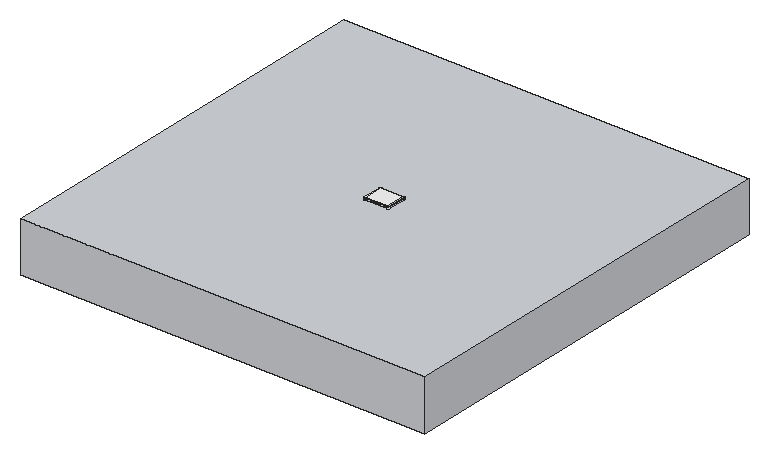
Revit family "Legrand_Gestion_commande_tactile_Murale_KNX", category Dispositifs d'éclairage, Revit 2020
Family settings
  Hôte = Face
  Conserver l'orientation des annotations = Non
  Cote de connecteur circulaire = Utiliser le diamètre
  Type d'élément = Normal
  Couper avec des vides une fois chargée = Non
  Partagée = Non
  Point de calcul de pièce = Non
Parameters (values of type "Ecran tactile KNX 5.7")
  URL = "http://www.legrandoc.com/048884"
  Télécommandable = no
  Type de tension = ""
  Tension nominale (V) = 0
  Température (MIN) (°C) = -5
  Température (MAX) (°C) = 45
  Sensibilité réglable = no
  Sensibilité lumineuse réglable = no
  Sensibilité lumineuse (MIN) (lx) = 0
  Sensibilité lumineuse (MAX) (lx) = 0
  Réglage de lumière constante = no
  Portée max. latérale (m) = 0
  Portée max. frontale (m) = 0
  Numéro RAL = 0
  Modèle = "048884"
  Mode de montage = ""
  Liaison neutre = no
  Hauteur de montage maximale (m) = 0
  Gestion alarme = no
  Gestion CVC = no
  Fréquence (MIN) (Hz) = 0
  Fréquence (MAX) (Hz) = 0
  Fonction variateur intégré = no
  Fabricant = "Legrand"
  Exécution - Modèle = ""
  Entrée secondaire = no
  Elévation par défaut = 2500 mm
  Durée d'enclenchement min. (s) = 0
  Durée d'enclenchement max. (mn) = 0
  Diamètre de détection sur le plancher (m) = 0
  Description = "Commande filaire tactile 5,7'' BUS/KNX - Programme Mosaic"
  Courant de démarrage max. (A) = 0
  Coupure forcée = no
  Couleur = none
  Cosses d'artère secondaire = no
  Condition Générale d'Utilisation = "https://export.legrand.com/CGU-objets-BIM"
  Collecteur de terre = no
  Classe de protection (IP) = ""
  Capacité de coupure max. (W) = 0
  Angle de détection horizontal (MIN) (°) = 0
  Angle de détection horizontal (MAX) (°) = 0
  Adapté pour transmission sans fil = no
Reference planes
  plane 1 "Centre (avant/arrière)": y = 0
  plane 2: z = 0
  plane 3 "Centre (gauche/droite)": x = 0
Forms (mm)
  Extrusion 1, solid
    sketch origin (0, 0, 0) x (1, 0, 0) y (0, 1, 0)
      loop
        line (-1219.2, 1219.2) -> (-1219.2, -1219.2) -> (1219.2, -1219.2) -> (1219.2, 1219.2) -> (-1219.2, 1219.2)
    from 0 to -304.8
Dimensions and locks
  aligned and locked: plane 2 to Extrusion 1
  aligned and locked: level to Extrusion 1
Nested families
  nested 1: "Modelisation 78" at (0, 0, -46), type "Modelisation 78"
    with zone de detection yes
Connectors
  electrical at (0, 0, 0)
    settings: on nested 1, index 1, voltage 230 V, apparent load 0 VA, apparent load phase1 0 VA, apparent load phase2 0 VA, apparent load phase3 0 VA, power factor 1, load classification "Eclairage", number of poles 1, system type 30, power factor state 1, is connector primary yes, connector utility no, sub classification motor no, connector description ""
Definition of nested family "Modelisation 78"
  Parameters (values of type "Modelisation 78")
    zone de detection [instance] = yes
    Matériau - Couleur = none
    built-in parameter 1140140 [instance] = 1 (stored number, unit not read)
    Default Elevation = 1219.2 mm
    built-in parameter 1140142 [instance] = -1
    built-in parameter 1155100 [instance] = -1
  Reference planes
    plane 1 "Centre (avant/arrière)": y = 0
    plane 2: z = 0
    plane 3 "Centre (gauche/droite)": x = 0
    plane 4: z = 50
    plane 5: x = -78.5
    plane 6: x = 78.5
    plane 7: y = -57
    plane 8: y = 57
    plane 9: x = -72
    plane 10: x = 72
    plane 11: z = 54
    plane 12: y = 65.25
    plane 13: y = -65.25
    plane 14: y = -53
    plane 15: y = 53
    plane 16: z = 46
    plane 17: x = -68
    plane 18: x = 68
  Forms (mm)
    Extrusion 1, solid, material <- "Matériau - Couleur"
      sketch origin (0, 0, 0) x (1, 0, 0) y (0, 1, 0)
        loop
          line (-72, -53) -> (72, -53) -> (72, 53) -> (-72, 53) -> (-72, -53)
      from 0 to 46
    Extrusion 2, solid, material <- "Matériau - Couleur"
      sketch origin (0, 0, 0) x (1, 0, 0) y (0, 1, 0)
        loop
          line (-68, 57) -> (-68, -57) -> (68, -57) -> (68, 57) -> (-68, 57)
      from 50 to 54
    Extrusion 3, solid, material <- "Matériau - Couleur"
      sketch origin (0, 0, 0) x (1, 0, 0) y (0, 1, 0)
        loop
          arc (-66.5, 65.25) -> (-74.985, 61.735) -> (-78.5, 53.25) r 12
          line (-78.5, 53.25) -> (-78.5, -53.25)
          arc (-78.5, -53.25) -> (-74.985, -61.735) -> (-66.5, -65.25) r 12
          line (-66.5, -65.25) -> (-47.25, -65.25)
          arc (-47.25, -65.25) -> (-39.25, -57.25) -> (-31.25, -65.25) r 8
          line (-31.25, -65.25) -> (31.25, -65.25)
          arc (31.25, -65.25) -> (39.25, -57.25) -> (47.25, -65.25) r 8
          line (47.25, -65.25) -> (66.5, -65.25)
          arc (66.5, -65.25) -> (74.985, -61.735) -> (78.5, -53.25) r 12
          line (78.5, -53.25) -> (78.5, 53.25)
          arc (78.5, 53.25) -> (74.985, 61.735) -> (66.5, 65.25) r 12
          line (66.5, 65.25) -> (47.25, 65.25)
          arc (47.25, 65.25) -> (39.25, 57.25) -> (31.25, 65.25) r 8
          line (31.25, 65.25) -> (-31.25, 65.25)
          arc (-31.25, 65.25) -> (-39.25, 57.25) -> (-47.25, 65.25) r 8
          line (-47.25, 65.25) -> (-66.5, 65.25)
      from 46 to 50
    Extrusion 4, void
      sketch origin (0, -66, 0) x (0, 1, 0) y (0, 0, 1)
        loop
          line (53, 0) -> (53, 15) -> (13, 15) -> (13, 0) -> (53, 0)
      from -72 to -31.25
  Cuts and joins
    Extrusion 4 cuts Extrusion 1
  Dimensions and locks
    Extrusion 1 to plane 11 = 54 mm
    plane 4 to plane 2 = 50 mm
    plane 7 to plane 8 = 114 mm  (x2)
    plane 13 to plane 12 = 130.5 mm  (x2)
    plane 14 to plane 15 = 106 mm  (x2)
    plane 9 to plane 10 = 144 mm
    plane 5 to plane 6 = 157 mm
    aligned and locked: level to plane 2
